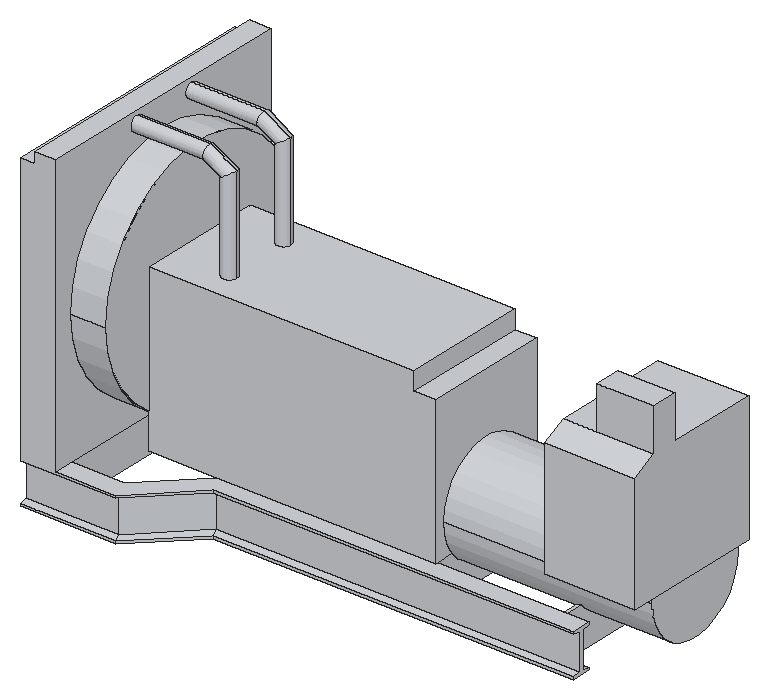
Revit family "M_Gerador de energia de emergência a diesel", category Equipamento elétrico, Revit 2019
Family settings
  Configuração do painel = Duas colunas, circuitos transversais
  Cota do conector redondo = Utilizar diâmetro
  Tipo de parte = Painel de controle
  Número OmniClass = 23.80.10.11.11.11
  Título OmniClass = Engine Generators
  ID de item do Seek = Diesel Emergency Power Generator-0000-CAN-ENU
  Com base no plano de trabalho = Não
  Sempre na vertical = Sim
  Corte com vazios quando carregada = Não
  Compartilhado = Não
  Ponto de cálculo do ambiente = Não
Parameters (values of type "200 kW")
  Largura 7 = 1 / 2 * Largura 4  # 54.12 mm
  Largura 6 = 16 / 33 * Raio 2  # 143.127 mm
  Largura 5 = 3 / 10 * Largura do gerador  # 442.8 mm
  Largura 4 = 11 / 150 * Largura do gerador  # 108.24 mm
  Largura 3 = 1.1 * Raio 2  # 324.72 mm
  Largura 2 = 0.46 * Largura 1  # 159.488 mm
  Largura 1 = 0.54 * Raio 1  # 346.712 mm
  Raio 4 = 4 / 30 * Raio 2  # 39.36 mm
  Raio 3 = 0.25 * Largura 2  # 39.872 mm
  Raio 2 = 0.2 * Largura do gerador  # 295.2 mm
  Raio 1 = 0.435 * Largura do gerador  # 642.06 mm
  Número de postes = 3
  Classificação de carga = Potência
  Comprimento 9 = 0.64 * (0.52 * Altura 5)  # 314.376 mm
  Comprimento 8 = 0.5 * Comprimento 1 + 0.34 * Largura 1  # 314.757 mm
  Comprimento 7 = 0.075 * Comprimento 2  # 118.125 mm
  Comprimento 6 = 0.2 * Comprimento 1  # 78.75 mm
  Comprimento 5 = 0.42 * Comprimento 3  # 496.125 mm
  Comprimento 4 = 0.97 * Comprimento 3  # 1145.812 mm
  Comprimento 3 = 0.375 * Comprimento do gerador  # 1181.25 mm
  Comprimento 2 = 0.5 * Comprimento do gerador  # 1575 mm
  Comprimento 13 = 1.22 * Comprimento 11  # 889.145 mm
  Comprimento 12 = 0.05 * Comprimento base  # 140.155 mm
  Comprimento 11 = 0.26 * Comprimento base  # 728.808 mm
  Comprimento 10 = 0.18 * Comprimento base  # 504.559 mm
  Comprimento 1 = Comprimento do gerador - Comprimento 2 - Comprimento 3  # 393.75 mm
  Altura 8 = 0.04 * Altura 1  # 59.04 mm
  Altura 7 = 0.16 * Altura 1  # 236.16 mm
  Altura 6 = 0.48 * Altura 1  # 708.48 mm
  Altura 5 = 0.64 * Altura 1  # 944.64 mm
  Altura 4 = 0.11 * Altura 2  # 99.619 mm
  Altura 3 = 0.2 * Altura 2  # 181.125 mm
  Altura 2 = 0.575 * Comprimento 2  # 905.625 mm
  Altura 1 = Largura do gerador  # 1476 mm
  Largura do gerador = 1476 mm
  Material do gerador = none
  Comprimento do gerador = 3150 mm
  Altura do gerador = 1772 mm
  Comprimento base = 0.9 * (Comprimento 1 + Comprimento 2 + Comprimento 4)  # 2803.106 mm
  Carga aparente [instance] = 250000 VA
  Ang = 10.00°
  Voltagem do alternador = 480 V
Types (10, lengths in mm): name | Largura 7 | Largura 6 | Largura 5 | Largura 4 | Largura 3 | Largura 2 | Largura 1 | Raio 4 | Raio 3 | Raio 2 | Raio 1 | Comprimento 9 | Comprimento 8 | Comprimento 7 | Comprimento 6 | Comprimento 5 | Comprimento 4 | Comprimento 3 | Comprimento 2 | Comprimento 13 | Comprimento 12 | Comprimento 11 | Comprimento 10 | Comprimento 1 | Altura 8 | Altura 7 | Altura 6 | Altura 5 | Altura 4 | Altura 3 | Altura 2 | Altura 1 | Largura do gerador | Comprimento do gerador | Altura do gerador | Comprimento base | Carga aparente
  (no name) | 54.12 | 143.127 | 442.8 | 108.24 | 324.72 | 159.488 | 346.712 | 39.36 | 39.872 | 295.2 | 642.06 | 314.376 | 314.757 | 118.125 | 78.75 | 496.125 | 1145.812 | 1181.25 | 1575 | 889.145 | 140.155 | 728.808 | 504.559 | 393.75 | 59.04 | 236.16 | 708.48 | 944.64 | 99.619 | 181.125 | 905.625 | 1476 | 1476 | 3150 | 1772 | 2803.106 | 250000 VA
  4000 kW | 174.643 | 461.867 | 1428.9 | 349.287 | 1047.86 | 514.661 | 1118.829 | 127.013 | 128.665 | 952.6 | 2071.905 | 1014.481 | 999.527 | 371.475 | 247.65 | 1560.195 | 3603.308 | 3714.75 | 4953 | 2796.15 | 440.755 | 2291.926 | 1586.718 | 1238.25 | 190.52 | 762.08 | 2286.24 | 3048.32 | 313.277 | 569.595 | 2847.975 | 4763 | 4763 | 9906 | 5715 | 8815.102 | 5000000 VA
  3000 kW | 157.153 | 415.612 | 1285.8 | 314.307 | 942.92 | 463.119 | 1006.781 | 114.293 | 115.78 | 857.2 | 1864.41 | 912.884 | 913.806 | 342.9 | 228.6 | 1440.18 | 3326.13 | 3429 | 4572 | 2581.062 | 406.851 | 2115.624 | 1464.663 | 1143 | 171.44 | 685.76 | 2057.28 | 2743.04 | 289.179 | 525.78 | 2628.9 | 4286 | 4286 | 9144 | 5144 | 8137.017 | 3750000 VA
  2000 kW | 139.7 | 369.455 | 1143 | 279.4 | 838.2 | 411.686 | 894.969 | 101.6 | 102.921 | 762 | 1657.35 | 811.5 | 812.289 | 304.8 | 203.2 | 1280.16 | 2956.56 | 3048 | 4064 | 2294.277 | 361.645 | 1880.555 | 1301.923 | 1016 | 152.4 | 609.6 | 1828.8 | 2438.4 | 257.048 | 467.36 | 2336.8 | 3810 | 3810 | 8128 | 4572 | 7232.904 | 2500000 VA
  1600 kW | 104.793 | 277.139 | 857.4 | 209.587 | 628.76 | 308.818 | 671.344 | 76.213 | 77.205 | 571.6 | 1243.23 | 608.731 | 609.257 | 228.6 | 152.4 | 960.12 | 2217.42 | 2286 | 3048 | 1720.708 | 271.234 | 1410.416 | 976.442 | 762 | 114.32 | 457.28 | 1371.84 | 1829.12 | 192.786 | 350.52 | 1752.6 | 2858 | 2858 | 6096 | 3429 | 5424.678 | 2000000 VA
  1200 kW | 90.823 | 240.194 | 743.1 | 181.647 | 544.94 | 267.65 | 581.847 | 66.053 | 66.912 | 495.4 | 1077.495 | 527.581 | 528.016 | 198.113 | 132.075 | 832.072 | 1921.691 | 1981.125 | 2641.5 | 1491.224 | 235.06 | 1222.315 | 846.218 | 660.375 | 99.08 | 396.32 | 1188.96 | 1585.28 | 167.075 | 303.772 | 1518.862 | 2477 | 2477 | 5283 | 2972 | 4701.21 | 1500000 VA
  800 kW | 78.577 | 207.806 | 642.9 | 157.153 | 471.46 | 231.56 | 503.391 | 57.147 | 57.89 | 428.6 | 932.205 | 456.442 | 456.903 | 171.45 | 114.3 | 720.09 | 1663.065 | 1714.5 | 2286 | 1290.531 | 203.425 | 1057.812 | 732.332 | 571.5 | 85.72 | 342.88 | 1028.64 | 1371.52 | 144.59 | 262.89 | 1314.45 | 2143 | 2143 | 4572 | 2572 | 4068.509 | 1000000 VA
  600 kW | 69.85 | 184.727 | 571.5 | 139.7 | 419.1 | 205.843 | 447.485 | 50.8 | 51.461 | 381 | 828.675 | 405.75 | 406.145 | 152.4 | 101.6 | 640.08 | 1478.28 | 1524 | 2032 | 1147.139 | 180.823 | 940.278 | 650.961 | 508 | 76.2 | 304.8 | 914.4 | 1219.2 | 128.524 | 233.68 | 1168.4 | 1905 | 1905 | 4064 | 2286 | 3616.452 | 750000 VA
  300 kW | 60.903 | 161.067 | 498.3 | 121.807 | 365.42 | 179.478 | 390.169 | 44.293 | 44.869 | 332.2 | 722.535 | 353.78 | 353.907 | 132.75 | 88.5 | 557.55 | 1287.675 | 1327.5 | 1770 | 999.23 | 157.508 | 819.041 | 567.028 | 442.5 | 66.44 | 265.76 | 797.28 | 1063.04 | 111.952 | 203.55 | 1017.75 | 1661 | 1661 | 3540 | 1991 | 3150.158 | 375000 VA
  200 kW | 54.12 | 143.127 | 442.8 | 108.24 | 324.72 | 159.488 | 346.712 | 39.36 | 39.872 | 295.2 | 642.06 | 314.376 | 314.757 | 118.125 | 78.75 | 496.125 | 1145.812 | 1181.25 | 1575 | 889.145 | 140.155 | 728.808 | 504.559 | 393.75 | 59.04 | 236.16 | 708.48 | 944.64 | 99.619 | 181.125 | 905.625 | 1476 | 1476 | 3150 | 1772 | 2803.106 | 250000 VA
Reference planes
  plane 1 "Centro (Frente/Trás)": y = 0
  plane 2: z = 0
  plane 3 "Centro (Esquerda/Direita)": x = 0
  plane 4: x = 1575
  plane 5: x = -1575
  plane 6: y = 738
  plane 7: y = -738
  plane 8: z = 1772
  plane 9: x = 1228.106
  plane 10: x = -1070.441
  plane 11: y = 442.8
  plane 12: y = -442.8
  plane 13: y = 388.68
  plane 14: y = -388.68
  plane 15: y = 683.88
  plane 16: y = -683.88
  plane 17: z = 1712.96
  plane 18: z = 236.96
  plane 19: z = 224.26
  plane 20: z = 12.7
  plane 21: x = -1434.845
  plane 22: x = -1445.957
  plane 23: x = -1423.732
  plane 24: x = -545.699
  plane 25: x = -556.812
  plane 26: x = -534.587
  plane 27: x = 1087.951
  plane 28: x = 1076.838
  plane 29: x = 1099.063
  plane 30: x = 359.143
  plane 31: x = 348.031
  plane 32: x = 370.256
  plane 33: x = -1181.25
  plane 34: x = -1378.125
  plane 35: x = -1496.25
  plane 36: z = 974.96
  plane 37: x = 393.75
  plane 38: x = 275.625
  plane 39: y = 346.712
  plane 40: y = -346.712
  plane 41: z = 1142.585
  plane 42: z = 1042.966
  plane 43: z = 418.085
  plane 44: x = 1539.563
  plane 45: y = 324.72
  plane 46: y = -324.72
  plane 47: z = 473.12
  plane 48: z = 1181.6
  plane 49: z = 1417.76
  plane 50: x = 1078.875
  plane 51: y = -454.895
  plane 52: x = 1260.624
  plane 53: y = -181.593
  plane 54: x = -866.493
  plane 55 "Planta 2": y = 187.225
  plane 56 "Planta 1": y = -187.225
Forms (mm)
  Sweep 1, solid, material <- "Material do gerador", detail levels fine
    path origin (0, 0, 0) x (1, 0, 0) y (0, 1, 0)
      loop
        line (-1575, 683.88) -> (-1070.441, 683.88) -> (-775.241, 388.68) -> (1228.106, 388.68)
    profile origin (-1322.72, 683.88, 0) x (0, 1, 0) y (0, 0, 1)
      loop
        line (0, 0) -> (54.12, 0) -> (54.12, 12.7) -> (11.113, 20.283) -> (11.113, 216.677) -> (54.12, 224.26) -> (54.12, 236.96) -> (0, 236.96) -> (-54.12, 236.96) -> (-54.12, 224.26) -> (-11.113, 216.677) -> (-11.113, 20.283) -> (-54.12, 12.7) -> (-54.12, 0) -> (0, 0)
  Sweep 2, solid, material <- "Material do gerador", detail levels fine
    path origin (0, 0, 0) x (1, 0, 0) y (0, 1, 0)
      loop
        line (-1575, -683.88) -> (-1070.441, -683.88) -> (-775.241, -388.68) -> (1228.106, -388.68)
    profile origin (-1322.72, -683.88, 0) x (0, 1, 0) y (0, 0, 1)
      loop
        line (0, 0) -> (54.12, 0) -> (54.12, 12.7) -> (11.113, 20.283) -> (11.113, 216.677) -> (54.12, 224.26) -> (54.12, 236.96) -> (0, 236.96) -> (-54.12, 236.96) -> (-54.12, 224.26) -> (-11.113, 216.677) -> (-11.113, 20.283) -> (-54.12, 12.7) -> (-54.12, 0) -> (0, 0)
  Extrusion 3, solid, material <- "Material do gerador", detail levels fine
    sketch origin (0, 0, 0) x (1, 0, 0) y (0, 0, 1)
      loop
        line (-1445.957, 236.96) -> (-1445.957, 0) -> (-1423.732, 0) -> (-1423.732, 236.96) -> (-1445.957, 236.96)
    from -683.88 to 683.88
  Extrusion 4, solid, material <- "Material do gerador", detail levels fine
    sketch origin (0, 0, 0) x (1, 0, 0) y (0, 0, 1)
      loop
        line (-556.812, 224.26) -> (-556.812, 0) -> (-534.587, 0) -> (-534.587, 224.26) -> (-556.812, 224.26)
    from -388.68 to 388.68
  Extrusion 5, solid, material <- "Material do gerador", detail levels fine
    sketch origin (0, 0, 0) x (1, 0, 0) y (0, 0, 1)
      loop
        line (1076.838, 224.26) -> (1076.838, 0) -> (1099.063, 0) -> (1099.063, 224.26) -> (1076.838, 224.26)
    from -388.68 to 388.68
  Extrusion 6, solid, material <- "Material do gerador", detail levels fine
    sketch origin (0, 0, 0) x (1, 0, 0) y (0, 0, 1)
      loop
        line (348.031, 224.26) -> (348.031, 0) -> (370.256, 0) -> (370.256, 224.26) -> (348.031, 224.26)
    from -388.68 to 388.68
  Extrusion 7, solid, material <- "Material do gerador", detail levels fine
    sketch origin (0, 0, 0) x (1, 0, 0) y (0, 1, 0)
      loop
        line (-1575, 738) -> (-1575, -738) -> (-1378.125, -738) -> (-1378.125, 738) -> (-1575, 738)
    from 236.96 to 1712.96
  Extrusion 8, solid, material <- "Material do gerador", detail levels fine
    sketch origin (0, 0, 0) x (1, 0, 0) y (0, 1, 0)
      loop
        line (-1496.25, 738) -> (-1496.25, -738) -> (-1378.125, -738) -> (-1378.125, 738) -> (-1496.25, 738)
    from 1712.96 to 1772
  Extrusion 9, solid, material <- "Material do gerador", detail levels fine
    sketch origin (0, 0, 0) x (0, 1, 0) y (0, 0, 1)
      loop
        circle (0, 974.96) r 642.06
    from -1378.125 to -1181.25
  Extrusion 10, solid, material <- "Material do gerador", detail levels fine
    sketch origin (0, 0, 0) x (1, 0, 0) y (0, 1, 0)
      loop
        line (-1181.25, 346.712) -> (-1181.25, -346.712) -> (275.625, -346.712) -> (275.625, 346.712) -> (-1181.25, 346.712)
    from 236.96 to 1142.585
  Extrusion 11, solid, material <- "Material do gerador", detail levels fine
    sketch origin (0, 0, 0) x (1, 0, 0) y (0, 1, 0)
      loop
        line (275.625, 346.712) -> (275.625, -346.712) -> (393.75, -346.712) -> (393.75, 346.712) -> (275.625, 346.712)
    from 236.96 to 1042.966
  Extrusion 12, solid, material <- "Material do gerador", detail levels fine
    sketch origin (0, 0, 0) x (0, 1, 0) y (0, 0, 1)
      loop
        circle (0, 418.085) r 295.2
    from 393.75 to 1539.563
  Extrusion 13, solid, material <- "Material do gerador", detail levels fine
    sketch origin (0, 0, 0) x (1, 0, 0) y (0, 1, 0)
      loop
        line (1078.875, 324.72) -> (1078.875, -324.72) -> (1575, -324.72) -> (1575, 324.72) -> (1078.875, 324.72)
    from 473.12 to 1181.6
  Extrusion 14, solid, material <- "Material do gerador", detail levels fine
    sketch origin (0, 0, 0) x (0, 1, 0) y (0, 0, 1)
      loop
        line (-324.72, 1181.6) -> (-454.895, 1118.109) -> (-454.895, 473.12) -> (-324.72, 473.12) -> (-324.72, 1181.6)
    from 1078.875 to 1575
  Extrusion 15, solid, material <- "Material do gerador", detail levels fine
    sketch origin (0, 0, 0) x (1, 0, 0) y (0, 1, 0)
      loop
        line (1260.624, -181.593) -> (1260.624, -324.72) -> (1575, -324.72) -> (1575, -181.593) -> (1260.624, -181.593)
    from 1181.6 to 1417.76
  Sweep 16, solid, material <- "Material do gerador", detail levels fine
    path origin (0, -187.225, 0) x (1, 0, 0) y (0, 0, 1)
      loop
        line (-1378.125, 1712.96) -> (-980.774, 1712.96) -> (-866.493, 1646.98) -> (-866.493, 1142.585)
    profile origin (-1179.449, -187.225, 1712.96) x (0, 0, -1) y (0, 1, 0)
      loop
        circle (0, 0) r 39.36
  Sweep 17, solid, material <- "Material do gerador", detail levels fine
    path origin (0, 187.225, 0) x (1, 0, 0) y (0, 0, 1)
      loop
        line (-1378.125, 1712.96) -> (-980.774, 1712.96) -> (-866.493, 1646.98) -> (-866.493, 1142.585)
    profile origin (-1179.449, 187.225, 1712.96) x (0, 0, 1) y (0, -1, 0)
      loop
        circle (0, 0) r 39.36
  Extrusion 18, solid, material <- "Material do gerador", detail levels coarse+medium
    sketch origin (0, 0, 0) x (1, 0, 0) y (0, 1, 0)
      loop
        line (-1575, 738) -> (-1575, -738) -> (1575, -738) -> (1575, 738) -> (-1575, 738)
    from 0 to 1772
Cuts and joins
  joined: Sweep 1, Sweep 2, Extrusion 3, Extrusion 4, Extrusion 5, Extrusion 6, Extrusion 7, Extrusion 8, Extrusion 9, Extrusion 10, Extrusion 11, Extrusion 12, Extrusion 13, Extrusion 14, Extrusion 15, Sweep 16, Sweep 17
Dimensions and locks
  equal spacing: plane 5, plane 3 "Centro (Esquerda/Direita)", plane 4
  "Comprimento do gerador": plane 5 to plane 4
  "Largura do gerador": plane 7 to plane 6
  equal spacing: plane 7, plane 1 "Centro (Frente/Trás)", plane 6
  "Altura do gerador": plane 8 to plane 2
  "Comprimento base": plane 5 to plane 9
  "Comprimento 10": plane 5 to plane 10
  "Largura 5": plane 1 "Centro (Frente/Trás)" to plane 11
  "Largura 5": plane 12 to plane 1 "Centro (Frente/Trás)"
  "Largura 7": plane 13 to plane 11
  "Largura 7": plane 14 to plane 12
  "Largura 7": plane 15 to plane 6
  "Largura 7": plane 16 to plane 7
  "Altura 8": plane 8 to plane 17
  "Altura 1": plane 17 to plane 18
  locked: plane 18 to plane 19 at 12.7
  locked: plane 20 to plane 2 at 12.7
  equal spacing: Sweep 1 sketch curve, plane 15, Sweep 1 sketch curve  (x3)
  locked: Sweep 1 sketch curve to Sweep 1 sketch curve at 22.225
  "Largura 4": Sweep 1 sketch curve to Sweep 1 sketch curve  (x2)
  equal spacing: Sweep 2 sketch curve, plane 16, Sweep 2 sketch curve  (x3)
  locked: Sweep 2 sketch curve to Sweep 2 sketch curve at 22.225
  "Largura 4": Sweep 2 sketch curve to Sweep 2 sketch curve  (x2)
  "Comprimento 12": plane 5 to plane 21
  equal spacing: plane 22, plane 21, plane 23
  locked: plane 22 to plane 23 at 22.225
  "Comprimento 13": plane 21 to plane 24
  equal spacing: plane 25, plane 24, plane 26
  locked: plane 25 to plane 26 at 22.225
  "Comprimento 12": plane 27 to plane 9
  equal spacing: plane 28, plane 27, plane 29
  locked: plane 28 to plane 29 at 22.225
  "Comprimento 11": plane 30 to plane 27
  equal spacing: plane 31, plane 30, plane 32
  locked: plane 31 to plane 32 at 22.225
  "Comprimento 1": plane 5 to plane 33
  equal spacing: plane 5, plane 34, plane 33
  "Comprimento 6": plane 5 to plane 35
  equal spacing: plane 17, plane 36, plane 18
  "Comprimento 2": plane 33 to plane 37
  "Comprimento 7": plane 38 to plane 37
  "Largura 1": plane 1 "Centro (Frente/Trás)" to plane 39
  "Largura 1": plane 40 to plane 1 "Centro (Frente/Trás)"
  "Altura 2": plane 41 to plane 18
  "Altura 4": plane 41 to plane 42
  "Altura 3": plane 43 to plane 18
  "Comprimento 4": plane 37 to plane 44
  "Largura 3": plane 1 "Centro (Frente/Trás)" to plane 45
  equal spacing: plane 46, plane 1 "Centro (Frente/Trás)", plane 45
  "Altura 7": plane 47 to plane 18
  "Altura 6": plane 48 to plane 47
  "Altura 5": plane 49 to plane 47
  "Comprimento 5": plane 50 to plane 4
  locked: plane 51 to plane 46 at 130.175
  "Comprimento 9": plane 52 to plane 4
  "Largura 6": plane 53 to plane 46
  "Comprimento 8": plane 33 to plane 54
  "Largura 2": plane 55 "Planta 2" to plane 39
  "Largura 2": plane 56 "Planta 1" to plane 40
  "Raio 1": radius of Extrusion 9 sketch curve
  "Raio 2": radius of Extrusion 12 sketch curve
  "Raio 4": radius of Sweep 16 sketch curve
  "Raio 4": radius of Sweep 17 sketch curve
  locked: Sweep 1 sketch curve to plane 15 (angle 45.00°)
  "Ang": angle Sweep 1 sketch curve to plane 19
  "Ang": angle plane 20 to Sweep 1 sketch curve
  "Ang": angle plane 19 to Sweep 1 sketch curve
  "Ang": angle Sweep 1 sketch curve to plane 20
  locked: plane 16 to Sweep 2 sketch curve (angle 45.00°)
  "Ang": angle plane 19 to Sweep 2 sketch curve
  "Ang": angle Sweep 2 sketch curve to plane 20
  "Ang": angle Sweep 2 sketch curve to plane 19
  "Ang": angle plane 20 to Sweep 2 sketch curve
  locked: Extrusion 14 sketch curve to plane 48 (angle 154.00°)
  locked: plane 17 to Sweep 16 sketch curve (angle 150.00°)
  locked: plane 17 to Sweep 17 sketch curve (angle 150.00°)
  aligned and locked: plane 15 to Sweep 1 sketch curve
  aligned and locked: plane 13 to Sweep 1 sketch curve
  aligned and locked: plane 5 to Sweep 1 sketch curve
  aligned and locked: plane 9 to Sweep 1 sketch curve
  aligned and locked: plane 10 to Sweep 1 sketch curve
  aligned and locked: Sweep 1 sketch curve to plane 18
  aligned and locked: plane 2 to Sweep 1 sketch curve
  aligned and locked: Sweep 1 to plane 6
  aligned and locked: Sweep 1 to plane 11
  aligned and locked: Sweep 2 sketch curve to plane 16
  aligned and locked: plane 5 to Sweep 2 sketch curve
  aligned and locked: Sweep 2 sketch curve to plane 14
  aligned and locked: plane 9 to Sweep 2 sketch curve
  aligned and locked: plane 10 to Sweep 2 sketch curve
  aligned and locked: plane 18 to Sweep 2 sketch curve
  aligned and locked: Sweep 2 sketch curve to plane 2
  aligned and locked: plane 7 to Sweep 2
  aligned and locked: Sweep 2 to plane 12
  aligned and locked: plane 22 to Extrusion 3 sketch curve
  aligned and locked: Extrusion 3 sketch curve to plane 18
  aligned and locked: level to Extrusion 3 sketch curve
  aligned and locked: Extrusion 3 sketch curve to plane 23
  aligned and locked: Extrusion 3 to plane 15
  aligned and locked: Extrusion 3 to plane 16
  aligned and locked: plane 25 to Extrusion 4 sketch curve
  aligned and locked: level to Extrusion 4 sketch curve
  aligned and locked: Extrusion 4 sketch curve to plane 26
  aligned and locked: Extrusion 4 to plane 13
  aligned and locked: Extrusion 4 to plane 14
  aligned and locked: plane 28 to Extrusion 5 sketch curve
  aligned and locked: level to Extrusion 5 sketch curve
  aligned and locked: Extrusion 5 sketch curve to plane 29
  aligned and locked: Extrusion 5 to plane 13
  aligned and locked: Extrusion 5 to plane 14
  aligned and locked: plane 31 to Extrusion 6 sketch curve
  aligned and locked: level to Extrusion 6 sketch curve
  aligned and locked: Extrusion 6 sketch curve to plane 32
  aligned and locked: Extrusion 6 to plane 13
  aligned and locked: Extrusion 6 to plane 14
  aligned and locked: Sweep 1 to Extrusion 7 sketch curve
  aligned and locked: Extrusion 7 sketch curve to Sweep 1
  aligned and locked: plane 7 to Extrusion 7 sketch curve
  aligned and locked: Extrusion 7 sketch curve to plane 34
  aligned and locked: plane 17 to Extrusion 7
  aligned and locked: Extrusion 7 to plane 18
  aligned and locked: plane 35 to Extrusion 8 sketch curve
  aligned and locked: plane 6 to Extrusion 8 sketch curve
  aligned and locked: Extrusion 7 to Extrusion 8 sketch curve
  aligned and locked: Extrusion 8 sketch curve to Extrusion 7
  aligned and locked: plane 8 to Extrusion 8
  aligned and locked: Extrusion 8 to plane 17
  aligned and locked: plane 1 "Centro (Frente/Trás)" to Extrusion 9 sketch curve
  aligned and locked: plane 36 to Extrusion 9 sketch curve
  aligned and locked: Extrusion 9 to plane 34
  aligned and locked: plane 33 to Extrusion 9
  aligned and locked: plane 33 to Extrusion 10 sketch curve
  aligned and locked: plane 39 to Extrusion 10 sketch curve
  aligned and locked: plane 40 to Extrusion 10 sketch curve
  aligned and locked: Extrusion 10 sketch curve to plane 38
  aligned and locked: plane 41 to Extrusion 10
  aligned and locked: Extrusion 10 to plane 18
  aligned and locked: Extrusion 10 to Extrusion 11 sketch curve
  aligned and locked: Extrusion 11 sketch curve to Extrusion 10
  aligned and locked: plane 40 to Extrusion 11 sketch curve
  aligned and locked: Extrusion 11 sketch curve to plane 37
  aligned and locked: plane 42 to Extrusion 11
  aligned and locked: Extrusion 11 to plane 18
  aligned and locked: plane 1 "Centro (Frente/Trás)" to Extrusion 12 sketch curve
  aligned and locked: plane 43 to Extrusion 12 sketch curve
  aligned and locked: plane 44 to Extrusion 12
  aligned and locked: Extrusion 12 to plane 37
  aligned and locked: plane 50 to Extrusion 13 sketch curve
  aligned and locked: plane 45 to Extrusion 13 sketch curve
  aligned and locked: plane 46 to Extrusion 13 sketch curve
  aligned and locked: Extrusion 13 sketch curve to plane 4
  aligned and locked: plane 48 to Extrusion 13
  aligned and locked: Extrusion 13 to plane 47
  aligned and locked: Extrusion 14 sketch curve to plane 51
  aligned and locked: plane 47 to Extrusion 14 sketch curve
  aligned and locked: Extrusion 14 sketch curve to plane 46
  aligned and locked: plane 4 to Extrusion 14
  aligned and locked: Extrusion 14 to plane 50
  aligned and locked: plane 52 to Extrusion 15 sketch curve
  aligned and locked: Extrusion 15 sketch curve to plane 53
  aligned and locked: plane 46 to Extrusion 15 sketch curve
  aligned and locked: Extrusion 15 sketch curve to plane 4
  aligned and locked: plane 49 to Extrusion 15
  aligned and locked: Extrusion 15 to plane 48
  aligned and locked: plane 56 "Planta 1" to Sweep 16 sketch curve
  aligned and locked: plane 17 to Sweep 16 sketch curve
  aligned and locked: Sweep 17 sketch curve to plane 17
  aligned and locked: Sweep 17 sketch curve to plane 54
  aligned and locked: plane 55 "Planta 2" to Sweep 17 sketch curve
  aligned and locked: plane 17 to Sweep 17 sketch curve
  aligned and locked: Extrusion 4 sketch curve to plane 19
  aligned and locked: Extrusion 6 sketch curve to plane 19
  aligned and locked: Extrusion 5 sketch curve to plane 19
  aligned and locked: Extrusion 18 sketch curve to cut or joined group 1 (Sweep 1, Sweep 2, Extrusion 3, Extrusion 4, Extrusion 5, Extrusion 6, Extrusion 7, Extrusion 8, Extrusion 9, Extrusion 10, Extrusion 11, Extrusion 12, Extrusion 13, Extrusion 14, Extrusion 15, Sweep 16, Sweep 17)  (x2)
  aligned and locked: plane 7 to Extrusion 18 sketch curve
  aligned and locked: Extrusion 18 sketch curve to plane 4
  aligned and locked: plane 8 to Extrusion 18
  aligned and locked: Extrusion 18 to plane 2
  aligned and locked: cut or joined group 1 to Extrusion 14 sketch curve
Automatic sketch dimensions
  Sweep 1 sketch curve to profile plane = 0 mm  (x2)
  level to Sweep 1 sketch curve = 12.7 mm  (x2)
  Sweep 1 sketch curve to Sweep 1 sketch curve = 0 mm
  Sweep 1 sketch curve to Sweep 1 sketch curve = 12.7 mm
  Sweep 2 sketch curve to profile plane = 0 mm  (x2)
  level to Sweep 2 sketch curve = 12.7 mm  (x2)
  Sweep 2 sketch curve to Sweep 2 sketch curve = 0 mm
  Sweep 2 sketch curve to Sweep 2 sketch curve = 12.7 mm
  Sweep 16 sketch curve to plane 17 = 0 mm
  Sweep 16 sketch curve to plane 34 = 0 mm
  Sweep 16 sketch curve to plane 41 = 0 mm
  Sweep 16 sketch curve to plane 54 = 0 mm
  Sweep 16 sketch curve to plane 10 = 89.667 mm
  Sweep 17 sketch curve to plane 34 = 0 mm
  Sweep 17 sketch curve to plane 41 = 0 mm
  plane 10 to Sweep 17 sketch curve = 89.667 mm
Connectors
  electrical at (0, 0, 1772), driven by "Voltagem do alternador", driven by "Número de postes", driven by "Carga aparente", driven by "Classificação de carga"
    settings: on Extrusion 18, index 1, voltage 480 V, apparent load 250000 VA, apparent load phase1 0 VA, apparent load phase2 0 VA, apparent load phase3 0 VA, power factor 1, load classification "Potência", number of poles 3, system type 30, power factor state 1, is connector primary yes, connector utility no, sub classification motor no, connector description ""
  cabletrayconduit at (-452.812, 0, 1142.585), diameter 600
    settings: on cut or joined group 1, index 2, connector width 300 mm, connector height 300 mm, connector angle 0.00°, system type 32, placement type 1, profile type 0, connector reference index -1, is primary connector yes, connector utility param no, connector description ""
  cabletrayconduit at (-1575, 0, 241.48), diameter 600
    settings: on cut or joined group 1, index 3, connector width 300 mm, connector height 300 mm, connector angle 0.00°, system type 32, placement type 1, profile type 0, connector reference index -1, is primary connector no, connector utility param no, connector description ""
  cabletrayconduit at (1575, -159.122, 1055.584), diameter 600
    settings: on cut or joined group 1, index 4, connector width 300 mm, connector height 300 mm, connector angle 0.00°, system type 32, placement type 1, profile type 0, connector reference index -1, is primary connector no, connector utility param no, connector description ""
  cabletrayconduit at (-376.851, 346.712, 689.568), diameter 600
    settings: on cut or joined group 1, index 5, connector width 300 mm, connector height 300 mm, connector angle 0.00°, system type 32, placement type 1, profile type 0, connector reference index -1, is primary connector no, connector utility param no, connector description ""
  cabletrayconduit at (-400.244, 0, 236.96), diameter 600
    settings: on cut or joined group 1, index 6, connector width 300 mm, connector height 300 mm, connector angle 0.00°, system type 32, placement type 1, profile type 0, connector reference index -1, is primary connector no, connector utility param no, connector description ""
  cabletrayconduit at (-376.851, -346.712, 689.568), diameter 600
    settings: on cut or joined group 1, index 7, connector width 300 mm, connector height 300 mm, connector angle 0.00°, system type 32, placement type 1, profile type 0, connector reference index -1, is primary connector no, connector utility param no, connector description ""
